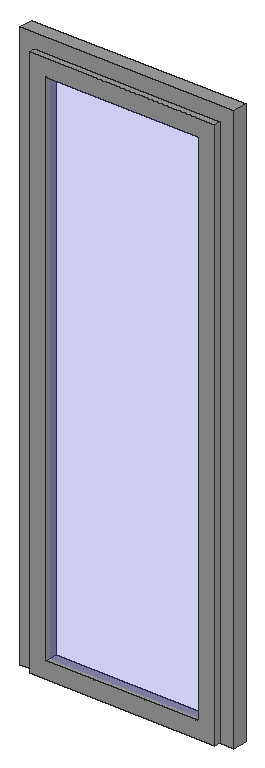
Revit family
Parameters (values of type "900x2420")
  zarovnanie od fasády = 220 mm
  viditeľnosť priečnik = yes
  sklo = Sklo
  rám = Kov - Hliník
  priečnik = 800 mm
  viditeľnosť kľučka = no
  kľučka = Metal - Aluminium
  krídlo = Kov - Hliník
  _krídlo = Width - 120 mm  # 780 mm
  Assembly Code = ""
  Function = (empty or 0)
  Frame Projection Ext. = 25 mm
  Frame Projection Int. = 25 mm
  Frame Width = 75 mm
  Height = 2400 mm
  Wall Closure = (empty or 0)
  Width = 900 mm
Types (3, lengths in mm): name | zarovnanie od fasády | _krídlo | Height | Width
  900x2420 | 220 | 780 | 2400 | 900
  1000x2400 | 220 | 780 | 2400 | 900
  1290x2200 | 100 | 1170 | 2200 | 1290
Reference planes
  plane 1: y = 0
  plane 2 "Center (Left/Right)": x = 50
  plane 3 "Left": x = -400
  plane 4 "Right": x = 500
  plane 5: z = 2400
  plane 6 "Exterior": y = 75
  plane 7 "Interior": y = -75
  plane 8: x = -301.294
Forms (mm)
  Sweep 1, solid, material "Kov - Hliník" <- "rám"
    path in 3D
      loop
        line (500, 75, 0) -> (500, 75, 2400) -> (-400, 75, 2400) -> (-400, 75, 0)
    profile origin (50, 75, 2400) x (0, 1, 0) y (0, 0, -1)
      loop
        line (-220, 0) -> (-220, 60) -> (-280, 60) -> (-280, 0) -> (-220, 0)
  Sweep 2, solid, material "Kov - Hliník" <- "krídlo"
    path origin (0, -75, 0) x (1, 0, 0) y (0, 0, 1)
      loop
        line (-340, 2340) -> (-340, 0) -> (440, 0) -> (440, 2340) -> (-340, 2340)
    profile origin (50, -75, 2340) x (0, 0, 1) y (0, -1, 0)
      loop
        line (0, 105) -> (0, 155) -> (-70, 155) -> (-70, 105) -> (0, 105)
  Extrusion 3, solid, material "Kov - Hliník" <- "rám", visible <- "viditeľnosť priečnik", detail levels coarse
    sketch origin (0, -75, 0) x (1, 0, 0) y (0, 0, 1)
      loop
        line (-270, 870) -> (-270, 800) -> (370, 800) -> (370, 870) -> (-270, 870)
    from 105 to 155
  Extrusion 4, solid, material "Sklo" <- "sklo"
    sketch origin (0, 0, 0) x (1, 0, 0) y (0, 1, 0)
      loop
        line (-290, -196.613) -> (-290, -212.37) -> (390, -212.37) -> (390, -196.613) -> (-290, -196.613)
    from 50 to 2270
Lines and regions (mm)
  Opening 1
    outline origin (-3050, -75, 0) x (1, 0, 0) y (0, 0, 1)
      loop
        line (2650, 0) -> (3550, 0) -> (3550, 2400) -> (2650, 2400) -> (2650, 0)
  sketch lines
    curve 1: line (500, 75, 2400) -> (-400, 75, 2400)
    curve 2: line (500, 75, 0) -> (500, 75, 2400)
    curve 3: line (-400, 75, 2400) -> (-400, 75, 0)
  model lines, style "Doors", detail levels medium+fine
    curve 4: line (-340, -145, 0) -> (440, -145, 0)
    curve 5: line (-340, -205, 0) -> (440, -205, 0)
  symbolic lines
    curve 6: line (440, -205, 0) -> (440, -985, 0)
    curve 7: arc (-340, -205, 0) -> (-111.543, -756.543, 0) -> (440, -985, 0) r 780
  symbolic lines, style "nadpražie"
    curve 8: line (-400, 75, 0) -> (500, 75, 0)
    curve 9: line (-400, -75, 0) -> (500, -75, 0)
  symbolic lines, style "otváranie"
    curve 10: line (440, -205, 2340) -> (-340, -205, 1186.045)
    curve 11: line (-340, -205, 1186.045) -> (440, -205, 0)
Text (mm)
  text "Exterior" at (-2295.016, 1099.543, 0), in view "Ref. Level"
  text "Exterior" at (0, 1615.38, 3698.081), in view "Left"
  text "Exterior" at (0, 1036.032, 3874.932), in view "Right"
Dimensions and locks
  equal spacing: plane 3 "Left", plane 2 "Center (Left/Right)", plane 4 "Right"
  "Width": plane 3 "Left" to plane 4 "Right"
  "Height": plane 5 to host wall
  host wall to plane 5 = 2400 mm  (x2)
  locked: plane 6 "Exterior" to host wall at 0
  locked: plane 7 "Interior" to host wall
  locked: Sweep 1 to Sweep 2 at 25
  "priečnik": Extrusion 3 to level
  "zarovnanie od fasády": plane 6 "Exterior" to Sweep 1
  locked: Sweep 1 to Sweep 1 at 60  (x2)
  locked: Sweep 2 to Sweep 2 at 50
  Sweep 2 to Sweep 2 = 70 mm
  locked: Extrusion 3 to Extrusion 4 at 16.613
  locked: curve 5 to curve 4 at 60
  "_krídlo": curve 7 to Sweep 1
  locked: nested 1 to Sweep 2 at 920
  locked: Sweep 2 to Sweep 2 at 70  (x2)
  locked: Extrusion 3 to Extrusion 3 at 70
  locked: Sweep 2 to plane 8 at 38.706
  aligned and locked: plane 3 "Left" to Opening 1 sketch curve
  aligned and locked: plane 5 to Opening 1 sketch curve  (x2)
  aligned and locked: Opening 1 sketch curve to plane 4 "Right"
  aligned and locked: Opening 1 sketch curve to level
  aligned and locked: plane 1 to host wall
  aligned and locked: plane 3 "Left" to Sweep 1
  aligned and locked: plane 5 to Sweep 1
  aligned and locked: plane 4 "Right" to Sweep 1
  aligned and locked: plane 4 "Right" to host wall
  aligned and locked: Sweep 1 to Sweep 2  (x3)
  aligned and locked: level to Sweep 2
  aligned and locked: Sweep 2 to Extrusion 3  (x2)
  aligned: Extrusion 3 to Sweep 2  (x2)
  aligned: Extrusion 4 to Sweep 2  (x2)
  aligned and locked: curve 5 to Sweep 1
  aligned and locked: Sweep 1 to curve 4
  aligned and locked: Sweep 1 to curve 5
  aligned and locked: curve 4 to Sweep 1
  aligned and locked: host wall to curve 8
  aligned and locked: curve 8 to host wall
  aligned and locked: Extrusion 4 to Sweep 2
  aligned and locked: Sweep 2 to Sweep 1  (x3)
  aligned and locked: level to curve 4
  aligned and locked: Extrusion 3 to Sweep 2  (x2)
  aligned and locked: Sweep 2 to nested 1
  aligned and locked: plane 8 to nested 1
Automatic sketch dimensions
  profile plane to Sweep 1 sketch curve = 0 mm
  profile plane to Sweep 1 sketch curve = 280 mm
  profile plane to Sweep 1 sketch curve = 220 mm
  profile plane to Sweep 1 sketch curve = 60 mm
  Sweep 2 sketch curve to level = 0 mm
  Sweep 2 sketch curve to plane 3 "Left" = 60 mm
  plane 4 "Right" to Sweep 2 sketch curve = 60 mm
  plane 5 to Sweep 2 sketch curve = 60 mm
  profile plane to Sweep 2 sketch curve = 0 mm
  plane 7 "Interior" to Sweep 2 sketch curve = 155 mm
  profile plane to Sweep 2 sketch curve = 70 mm
  Sweep 2 sketch curve to Sweep 2 sketch curve = 50 mm
  Extrusion 3 sketch curve to plane 3 "Left" = 130 mm
  plane 4 "Right" to Extrusion 3 sketch curve = 130 mm
  level to Extrusion 3 sketch curve = 800 mm
  Extrusion 3 sketch curve to Extrusion 3 sketch curve = 70 mm
  host wall to Extrusion 4 sketch curve = 212.37 mm
  Extrusion 4 sketch curve to plane 3 "Left" = 110 mm
  plane 4 "Right" to Extrusion 4 sketch curve = 110 mm
  Extrusion 4 sketch curve to Extrusion 4 sketch curve = 15.757 mm
  host wall to curve 9 = 0 mm
  curve 9 to plane 3 "Left" = 0 mm
  curve 9 to plane 4 "Right" = 0 mm
  curve 8 to host wall = 0 mm
  plane 4 "Right" to curve 4 = 60 mm
  curve 11 to Sweep 1 = 0 mm
  curve 10 to Sweep 1 = 0 mm  (x3)
  Sweep 1 to curve 11 = 0 mm
  Sweep 1 to curve 11 = 1153.955 mm
Nested families
  nested 1: "Handle (8)" at (-526.294, -230, 920), visible <- "viditeľnosť kľučka", type "Handle (8)"
Definition of nested family "Handle (8)"
  Parameters (values of type "Handle (8)")
    Material Ironmongery = Door - Handle
    Handle Z Distance = 0 mm
    Handle X Distance = 75 mm
    Assembly Code = ""
    Function = (empty or 0)
  Reference planes
    plane 1 "Center (Front/Back)": y = 0
    plane 2: z = 0
    plane 3 "Center (Left/Right)": x = 150
    plane 4: z = 0
    plane 5 "Handle C/L": x = 225
  Forms (mm)
    Extrusion 1, solid, material "Door - Handle" <- "Material Ironmongery"
      sketch origin (300, 0, 0) x (1, 0, 0) y (0, 0, -1)
        loop
          circle (-77.5, 0) r 30
      from 0 to 8
    Sweep 2, solid, material "Door - Handle" <- "Material Ironmongery"
      path origin (0, 0, 0) x (0, -1, 0) y (1, 0, 0)
        loop
          line (-8, 225) -> (-38, 225)
          arc (-38, 225) -> (-48.607, 229.393) -> (-53, 240) r 15
          line (-53, 240) -> (-53, 345)
      profile origin (225, 23, 0) x (1, 0, 0) y (0, 0, 1)
        loop
          circle (0, 0) r 10
  Dimensions and locks
    "Handle Z Distance": plane 4 to level
    Sweep 2 sketch curve to Sweep 2 sketch curve = 105 mm
    "Handle X Distance": plane 5 "Handle C/L" to plane 3 "Center (Left/Right)"
    plane 5 "Handle C/L" to Sweep 2 sketch curve = 120 mm
    aligned and locked: plane 4 to Extrusion 1 sketch curve
  Automatic sketch dimensions
    Sweep 2 sketch curve to profile plane = 0 mm  (x2)
    Sweep 2 sketch curve to plane 5 "Handle C/L" = 0 mm
    Sweep 2 sketch curve to plane 1 "Center (Front/Back)" = 53 mm
    Sweep 2 sketch curve to plane 1 "Center (Front/Back)" = 8 mm
    Extrusion 1 sketch curve to plane 5 "Handle C/L" = 2.5 mm
    radius of Sweep 2 sketch curve = 10 mm
    radius of Extrusion 1 sketch curve = 30 mm
